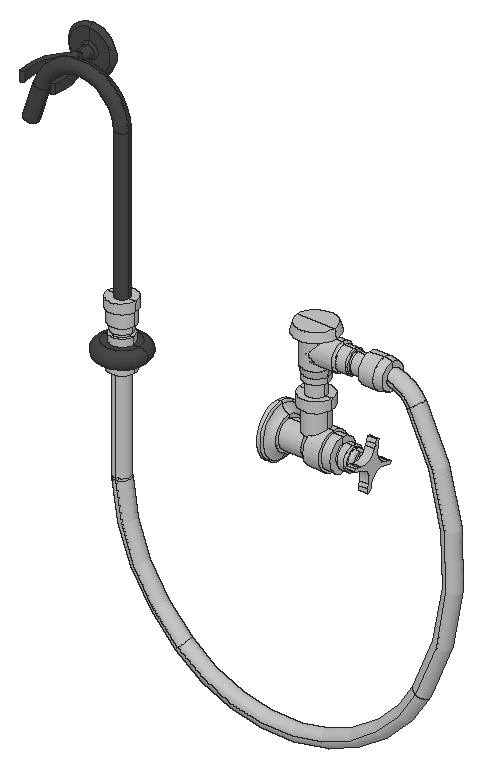
Revit family "QF_FISHER_5740", category Specialty Equipment, Revit 2015
Parameters
  Weight in Pounds = 11
  URL Cutsheet = ""
  Specification by User = ""
  Specification by Manufacturer = ""
  Serial Number = ""
  Seismic Rating = ""
  SMACNA No = ""
  Revision Code = ""
  Plumbing Remarks = ""
  Plumbing Connection Type = ""
  NAFEM Spec ID Number = ""
  Model = "5740"
  Masterspec = ""
  Manufacturer = "FISHER"
  Length = 5 1/4"
  Item Number = ""
  Installed By = ""
  Identify Quantity as Lot = yes
  Hot Water Temperature = 140 °F
  Hot Water Size = 3/4"
  Hot Water RI Height = 0"
  Hot Water Minimum Pressure = 80.00 psi
  Hot Water Maximum Pressure = 200.00 psi
  Hot Water Flow = 29 GPM
  Hot Water Consumption = 0 GPM
  Hot Water Connection Height = 0"
  Height = 14 3/8"
  Furnished By = ""
  Foodservice Equipment Identifier = yes
  Fixture Finish = QF_Metal - Stainless - Polished
  Description = "3/4 POT FILLER SVB SWXH"
  Depth = 2 3/4"
  Cold Water Temperature Recommended = 40 °F
  Cold Water Size = 3/4"
  Cold Water RI Height = 0"
  Cold Water Minimum Pressure = 80.00 psi
  Cold Water Maximum Pressure = 200.00 psi
  Cold Water Flow = 29 GPM
  Cold Water Consumption = ""
  Cold Water Connection Height = 0"
  CSI MasterFormat = ""
Reference planes (in)
  plane 1 "BACK": y = 0
  plane 2: z = 0
  plane 3 "LEFT": x = 6
  plane 4 "RIGHT": x = 11.25
  plane 5 "FRONT": y = -2.75
  plane 6 "TOP": z = 14.375
  plane 7 "Center Y": x = 8.125
  plane 8 "Center X": y = -1.375
  plane 9: x = -7.55219
  plane 10: x = -2.55219
Forms (in)
  Sweep 1, solid, material "QF_Metal - Stainless - Polished" <- "Fixture Finish", not visible
    path origin (0, -2.75, 0) x (1, 0, 0) y (0, 0, 1)
      loop
        line (-2.55219, 1.458) -> (-2.55219, -3.75274)
        arc (-2.55219, -3.75274) -> (-2.55126, -3.8184) -> (-2.54845, -3.88401) r 2.30533
        arc (-2.54845, -3.88401) -> (-1.54655, -7.76135) -> (0.85997, -10.96232) r 10.28717
        arc (0.85997, -10.96232) -> (7.97014, -12.99641) -> (13.96943, -8.672) r 8.47306
        arc (13.96943, -8.672) -> (15.66379, -1.60883) -> (13.6359, 5.3659) r 14.17
        arc (13.6359, 5.3659) -> (12.93954, 6.04382) -> (12, 6.29237) r 1.91409
    profile origin (-2.55219, -2.75, -1.14737) x (0, -1, 0) y (1, 0, 0)
      loop
        circle (0, 0) r 0.4375
  Revolve 2, solid, material "QF_Metal - Stainless - Polished" <- "Fixture Finish", not visible
    sketch origin (0, -2.75, 0.38127) x (1, 0, 0) y (0, 0, 1)
      loop
        line (7.369, 6.66873) -> (7.369, 5.03974) -> (7.469, 4.64147) -> (7.469, 4.34147) -> (7.625, 4.34147) -> (7.625, 3.63323) -> (7.245, 3.63323) -> (7.245, 3.07123) -> (7.46275, 3.07123) -> (7.46275, 1.73503) -> (8.125, 1.73503) -> (8.125, 7.11873) -> (7.107, 7.11873) -> (6.98642, 6.66873) -> (7.369, 6.66873)
      axis (8.125, 1.73503) -> (8.125, 7.11873)
    angle from 0 to 360
  Revolve 3, solid, material "QF_Metal - Stainless - Polished" <- "Fixture Finish", not visible
    sketch origin (0, -2.75, 0.38127) x (1, 0, 0) y (0, 0, 1)
      loop
        line (12.33181, 5.88147) -> (12.33181, 6.58652) -> (11.88721, 6.67433) -> (11.08212, 6.67433) -> (11.08212, 6.4181) -> (10.45639, 6.4181) -> (10.45639, 6.37665) -> (10.2983, 6.37665) -> (10.2983, 6.45934)
        arc (10.2983, 6.45934) -> (10.28338, 6.49537) -> (10.24735, 6.51029) r 0.05095
        line (10.24735, 6.51029) -> (9.6869, 6.51029)
        arc (9.6869, 6.51029) -> (9.60563, 6.54395) -> (9.57197, 6.62522) r 0.11493
        line (9.57197, 6.62522) -> (8.17241, 6.62522) -> (8.17241, 5.88147) -> (12.33181, 5.88147)
      axis (8.17241, 5.88147) -> (12.33181, 5.88147)
    angle from 0 to 360
  Revolve 4, solid, material "QF_Metal - Stainless - Polished" <- "Fixture Finish", not visible
    sketch origin (6.38127, -2.75, 7.458) x (0, 0, -1) y (1, 0, 0)
      loop
        line (6, -0.69929) -> (6.5625, -0.69929) -> (6.5625, -0.38127) -> (7.4375, -0.38127)
        arc (7.4375, -0.38127) -> (7.41548, -0.29006) -> (7.41911, -0.1963) r 0.34156
        arc (7.41911, -0.1963) -> (7.40204, -0.14139) -> (7.34733, -0.12367) r 0.0625
        arc (7.34733, -0.12367) -> (7.07746, 0.0008) -> (6.90625, 0.24373) r 0.57295
        line (6.90625, 0.24373) -> (6.75, 0.24373) -> (6.75, 1.50873) -> (7, 1.82123) -> (7, 2.69829) -> (6.87714, 2.69829) -> (6.87714, 3.21579) -> (6.53339, 3.21579) -> (6.53339, 3.41579) -> (6.63495, 3.41579) -> (6.63495, 3.77266)
        arc (6.63495, 3.77266) -> (6.61242, 3.82754) -> (6.55784, 3.85078) r 0.07812
        arc (6.55784, 3.85078) -> (6.53648, 3.85922) -> (6.52666, 3.87999) r 0.03125
        arc (6.52666, 3.87999) -> (6.47684, 4.02108) -> (6.33963, 4.08079) r 0.1875
        line (6.33963, 4.08079) -> (6.21853, 4.08079) -> (6.21853, 4.37654) -> (6, 4.37654) -> (6, -0.69929)
      axis (6, -0.69929) -> (6, 4.37654)
    angle from 0 to 360
  Extrusion 5, solid, material "QF_Metal - Stainless - Polished" <- "Fixture Finish", not visible
    sketch origin (11.25, -180, 13.44065) x (0, 0, 1) y (0, -1, 0)
      loop
        arc (-12.34002, -178.22148) -> (-12.3569, -178.33015) -> (-12.36614, -178.43972) r 1.57112
        arc (-12.36614, -178.43972) -> (-12.30618, -178.45741) -> (-12.2454, -178.47207) r 1.25
        arc (-12.2454, -178.47207) -> (-12.19862, -178.37256) -> (-12.15891, -178.27001) r 1.57112
        line (-12.15891, -178.27001) -> (-12.10219, -178.05835)
        arc (-12.10219, -178.05835) -> (-11.76766, -177.62238) -> (-11.22283, -177.55065) r 0.718
        line (-11.22283, -177.55065) -> (-11.01117, -177.60737)
        arc (-11.01117, -177.60737) -> (-10.90251, -177.62425) -> (-10.79293, -177.63349) r 1.57112
        arc (-10.79293, -177.63349) -> (-10.77524, -177.57352) -> (-10.76058, -177.51275) r 1.25
        arc (-10.76058, -177.51275) -> (-10.86009, -177.46596) -> (-10.96264, -177.42625) r 1.57112
        line (-10.96264, -177.42625) -> (-11.1743, -177.36954)
        arc (-11.1743, -177.36954) -> (-11.61027, -177.03501) -> (-11.682, -176.49017) r 0.718
        line (-11.682, -176.49017) -> (-11.62529, -176.27852)
        arc (-11.62529, -176.27852) -> (-11.6084, -176.16985) -> (-11.59916, -176.06028) r 1.57112
        arc (-11.59916, -176.06028) -> (-11.65913, -176.04259) -> (-11.7199, -176.02793) r 1.25
        arc (-11.7199, -176.02793) -> (-11.76669, -176.12744) -> (-11.8064, -176.22999) r 1.57112
        line (-11.8064, -176.22999) -> (-11.86311, -176.44165)
        arc (-11.86311, -176.44165) -> (-12.19765, -176.87762) -> (-12.74248, -176.94935) r 0.718
        line (-12.74248, -176.94935) -> (-12.95414, -176.89263)
        arc (-12.95414, -176.89263) -> (-13.0628, -176.87575) -> (-13.17237, -176.86651) r 1.57112
        arc (-13.17237, -176.86651) -> (-13.19006, -176.92648) -> (-13.20472, -176.98725) r 1.25
        arc (-13.20472, -176.98725) -> (-13.10521, -177.03404) -> (-13.00266, -177.07375) r 1.57112
        line (-13.00266, -177.07375) -> (-12.79101, -177.13046)
        arc (-12.79101, -177.13046) -> (-12.35503, -177.46499) -> (-12.2833, -178.00983) r 0.718
        line (-12.2833, -178.00983) -> (-12.34002, -178.22148)
    from 0 to -0.49219
  Sweep 6, solid, material "QF_Metal - Stainless - Polished" <- "Fixture Finish"
    path origin (0, -2.75, -1.458) x (1, 0, 0) y (0, 0, 1)
      loop
        line (-2.55219, 1.458) -> (-2.55219, -3.75274)
        arc (-2.55219, -3.75274) -> (-2.55126, -3.8184) -> (-2.54845, -3.88401) r 2.30533
        arc (-2.54845, -3.88401) -> (-1.54655, -7.76135) -> (0.85997, -10.96232) r 10.28717
        arc (0.85997, -10.96232) -> (7.97014, -12.99641) -> (13.96943, -8.672) r 8.47306
        arc (13.96943, -8.672) -> (15.66379, -1.60883) -> (13.6359, 5.3659) r 14.17
        arc (13.6359, 5.3659) -> (12.93954, 6.04382) -> (12, 6.29237) r 1.91409
    profile origin (-2.55219, -2.75, -2.60537) x (0, -1, 0) y (1, 0, 0)
      loop
        circle (0, 0) r 0.4375
  Revolve 7, solid, material "QF_Metal - Stainless - Polished" <- "Fixture Finish"
    sketch origin (0, -2.75, -1.07673) x (1, 0, 0) y (0, 0, 1)
      loop
        line (7.369, 6.66873) -> (7.369, 5.03974) -> (7.469, 4.64147) -> (7.469, 4.34147) -> (7.625, 4.34147) -> (7.625, 3.63323) -> (7.245, 3.63323) -> (7.245, 3.07123) -> (7.46275, 3.07123) -> (7.46275, 1.73503) -> (8.125, 1.73503) -> (8.125, 7.11873) -> (7.107, 7.11873) -> (6.98642, 6.66873) -> (7.369, 6.66873)
      axis (8.125, 1.73503) -> (8.125, 7.11873)
    angle from 0 to 360
  Revolve 8, solid, material "QF_Metal - Stainless - Polished" <- "Fixture Finish"
    sketch origin (0, -2.75, -1.07673) x (1, 0, 0) y (0, 0, 1)
      loop
        line (12.33181, 5.88147) -> (12.33181, 6.58652) -> (11.88721, 6.67433) -> (11.08212, 6.67433) -> (11.08212, 6.4181) -> (10.45639, 6.4181) -> (10.45639, 6.37665) -> (10.2983, 6.37665) -> (10.2983, 6.45934)
        arc (10.2983, 6.45934) -> (10.28338, 6.49537) -> (10.24735, 6.51029) r 0.05095
        line (10.24735, 6.51029) -> (9.6869, 6.51029)
        arc (9.6869, 6.51029) -> (9.60563, 6.54395) -> (9.57197, 6.62522) r 0.11493
        line (9.57197, 6.62522) -> (8.17241, 6.62522) -> (8.17241, 5.88147) -> (12.33181, 5.88147)
      axis (8.17241, 5.88147) -> (12.33181, 5.88147)
    angle from 0 to 360
  Revolve 9, solid, material "QF_Metal - Stainless - Polished" <- "Fixture Finish"
    sketch origin (6.38127, -2.75, 6) x (0, 0, -1) y (1, 0, 0)
      loop
        line (6, -0.69929) -> (6.5625, -0.69929) -> (6.5625, -0.38127) -> (7.4375, -0.38127)
        arc (7.4375, -0.38127) -> (7.41548, -0.29006) -> (7.41911, -0.1963) r 0.34156
        arc (7.41911, -0.1963) -> (7.40204, -0.14139) -> (7.34733, -0.12367) r 0.0625
        arc (7.34733, -0.12367) -> (7.07746, 0.0008) -> (6.90625, 0.24373) r 0.57295
        line (6.90625, 0.24373) -> (6.75, 0.24373) -> (6.75, 1.50873) -> (7, 1.82123) -> (7, 2.69829) -> (6.87714, 2.69829) -> (6.87714, 3.21579) -> (6.53339, 3.21579) -> (6.53339, 3.41579) -> (6.63495, 3.41579) -> (6.63495, 3.77266)
        arc (6.63495, 3.77266) -> (6.61242, 3.82754) -> (6.55784, 3.85078) r 0.07812
        arc (6.55784, 3.85078) -> (6.53648, 3.85922) -> (6.52666, 3.87999) r 0.03125
        arc (6.52666, 3.87999) -> (6.47684, 4.02108) -> (6.33963, 4.08079) r 0.1875
        line (6.33963, 4.08079) -> (6.21853, 4.08079) -> (6.21853, 4.37654) -> (6, 4.37654) -> (6, -0.69929)
      axis (6, -0.69929) -> (6, 4.37654)
    angle from 0 to 360
  Extrusion 10, solid, material "QF_Metal - Stainless - Polished" <- "Fixture Finish"
    sketch origin (11.25, -180, 11.98265) x (0, 0, 1) y (0, -1, 0)
      loop
        arc (-12.34002, -178.22148) -> (-12.3569, -178.33015) -> (-12.36614, -178.43972) r 1.57112
        arc (-12.36614, -178.43972) -> (-12.30618, -178.45741) -> (-12.2454, -178.47207) r 1.25
        arc (-12.2454, -178.47207) -> (-12.19862, -178.37256) -> (-12.15891, -178.27001) r 1.57112
        line (-12.15891, -178.27001) -> (-12.10219, -178.05835)
        arc (-12.10219, -178.05835) -> (-11.76766, -177.62238) -> (-11.22283, -177.55065) r 0.718
        line (-11.22283, -177.55065) -> (-11.01117, -177.60737)
        arc (-11.01117, -177.60737) -> (-10.90251, -177.62425) -> (-10.79293, -177.63349) r 1.57112
        arc (-10.79293, -177.63349) -> (-10.77524, -177.57352) -> (-10.76058, -177.51275) r 1.25
        arc (-10.76058, -177.51275) -> (-10.86009, -177.46596) -> (-10.96264, -177.42625) r 1.57112
        line (-10.96264, -177.42625) -> (-11.1743, -177.36954)
        arc (-11.1743, -177.36954) -> (-11.61027, -177.03501) -> (-11.682, -176.49017) r 0.718
        line (-11.682, -176.49017) -> (-11.62529, -176.27852)
        arc (-11.62529, -176.27852) -> (-11.6084, -176.16985) -> (-11.59916, -176.06028) r 1.57112
        arc (-11.59916, -176.06028) -> (-11.65913, -176.04259) -> (-11.7199, -176.02793) r 1.25
        arc (-11.7199, -176.02793) -> (-11.76669, -176.12744) -> (-11.8064, -176.22999) r 1.57112
        line (-11.8064, -176.22999) -> (-11.86311, -176.44165)
        arc (-11.86311, -176.44165) -> (-12.19765, -176.87762) -> (-12.74248, -176.94935) r 0.718
        line (-12.74248, -176.94935) -> (-12.95414, -176.89263)
        arc (-12.95414, -176.89263) -> (-13.0628, -176.87575) -> (-13.17237, -176.86651) r 1.57112
        arc (-13.17237, -176.86651) -> (-13.19006, -176.92648) -> (-13.20472, -176.98725) r 1.25
        arc (-13.20472, -176.98725) -> (-13.10521, -177.03404) -> (-13.00266, -177.07375) r 1.57112
        line (-13.00266, -177.07375) -> (-12.79101, -177.13046)
        arc (-12.79101, -177.13046) -> (-12.35503, -177.46499) -> (-12.2833, -178.00983) r 0.718
        line (-12.2833, -178.00983) -> (-12.34002, -178.22148)
    from 0 to -0.49219
  Extrusion 11, solid, material "QF_Metal - Stainless - Polished" <- "Fixture Finish"
    sketch origin (5.68198, -2.75, 0) x (0, 1, 0) y (0, 0, -1)
      loop
        circle (-0.24529, 0) r 0.09344
      loop
        circle (0.24529, 0) r 0.09344
    from 0 to 0.125
  Extrusion 12, solid, material "QF_Metal - Stainless - Polished" <- "Fixture Finish", not visible
    sketch origin (5.68198, -2.75, 1.458) x (0, 1, 0) y (0, 0, -1)
      loop
        circle (-0.24529, 0) r 0.09344
      loop
        circle (0.24529, 0) r 0.09344
    from 0 to 0.125
Lines and regions (in)
  symbolic lines, not visible
    curve 1: arc (7.107, -2.75, 0) -> (8.125, -1.732, 0) -> (9.143, -2.75, 0) r 1.018
    curve 2: arc (9.143, -2.75, 0) -> (8.125, -3.768, 0) -> (7.107, -2.75, 0) r 1.018
    curve 3: arc (6.98642, -2.75, 0) -> (8.125, -3.88858, 0) -> (9.26358, -2.75, 0) r 1.13858
    curve 4: arc (9.26358, -2.75, 0) -> (8.125, -1.61142, 0) -> (6.98642, -2.75, 0) r 1.13858
    curve 5: line (11.08212, -1.95714, 0) -> (11.88721, -1.95714, 0)
    curve 6: line (11.08212, -3.54286, 0) -> (11.08212, -1.95714, 0)
    curve 7: line (11.88721, -3.54286, 0) -> (11.08212, -3.54286, 0)
    curve 8: line (11.88721, -1.95714, 0) -> (11.88721, -3.54286, 0)
    curve 9: line (12.33181, -2.04495, 0) -> (12.33181, -3.45505, 0)
    curve 10: line (12.33181, -2.04495, 0) -> (11.88721, -1.95714, 0)
    curve 11: line (11.88721, -3.54286, 0) -> (12.33181, -3.45505, 0)
    curve 12: line (15.68182, -2.30131, 0) -> (12.3215, -2.30131, 0)
    curve 13: line (12.33181, -3.18721, 0) -> (15.58181, -3.18721, 0)
    curve 14: arc (15.68182, -2.30131, 0) -> (16.12759, -2.80023, 0) -> (15.58181, -3.18721, 0) r 0.44859
    curve 15: line (10.45639, -2.21337, 0) -> (11.08212, -2.21337, 0)
    curve 16: line (10.45639, -2.21337, 0) -> (10.45639, -3.28663, 0)
    curve 17: line (10.45639, -3.28663, 0) -> (11.08212, -3.28663, 0)
    curve 18: line (10.45639, -2.25482, 0) -> (10.306, -2.25482, 0)
    curve 19: line (10.306, -3.40337, 0) -> (9.57197, -3.40337, 0)
    curve 20: line (10.306, -2.09663, 0) -> (9.57197, -2.09663, 0)
    curve 21: line (10.306, -2.09663, 0) -> (10.306, -3.40337, 0)
    curve 22: line (10.45639, -3.24518, 0) -> (10.306, -3.24518, 0)
    curve 23: line (6, -2.3075, 0) -> (-1.22561, -2.3075, 0)
    curve 24: line (-1.22561, -3.1925, 0) -> (6, -3.1925, 0)
    curve 25: line (6, -1.333, 0) -> (6, -4.167, 0)
    curve 26: line (6.625, -3.65625, 0) -> (6.625, -1.84375, 0)
    curve 27: line (6.625, -2, 0) -> (7.26834, -2, 0)
    curve 28: line (6.625, -3.5, 0) -> (7.26834, -3.5, 0)
    curve 29: arc (6.625, -3.65625, 0) -> (6.38559, -3.8251, 0) -> (6.25919, -4.08939, 0) r 0.58024
    curve 30: arc (6, -4.167, 0) -> (6.09839, -4.14565, 0) -> (6.199, -4.14959, 0) r 0.39926
    curve 31: arc (6.199, -4.14959, 0) -> (6.24156, -4.13196, 0) -> (6.25919, -4.08939, 0) r 0.0602
    curve 32: arc (6.625, -1.84375, 0) -> (6.38559, -1.6749, 0) -> (6.25919, -1.41061, 0) r 0.58024
    curve 33: arc (6, -1.333, 0) -> (6.09839, -1.35435, 0) -> (6.199, -1.35041, 0) r 0.39926
    curve 34: arc (6.199, -1.35041, 0) -> (6.24156, -1.36804, 0) -> (6.25919, -1.41061, 0) r 0.0602
    curve 35: line (9.07956, -3.75, 0) -> (8.66939, -3.75, 0)
    curve 36: line (9.07956, -1.75, 0) -> (8.66939, -1.75, 0)
    curve 37: line (9.07956, -1.75, 0) -> (9.07956, -2.12937, 0)
    curve 38: line (9.07956, -3.75, 0) -> (9.07956, -3.37063, 0)
    curve 39: line (9.57197, -3.49375, 0) -> (9.07956, -3.49375, 0)
    curve 40: line (9.57197, -3.49375, 0) -> (9.57197, -2.00625, 0)
    curve 41: line (9.57197, -2.00625, 0) -> (9.07956, -2.00625, 0)
  symbolic lines
    curve 42: arc (7.107, -2.75, -1.458) -> (8.125, -1.732, -1.458) -> (9.143, -2.75, -1.458) r 1.018
    curve 43: arc (9.143, -2.75, -1.458) -> (8.125, -3.768, -1.458) -> (7.107, -2.75, -1.458) r 1.018
    curve 44: arc (6.98642, -2.75, -1.458) -> (8.125, -3.88858, -1.458) -> (9.26358, -2.75, -1.458) r 1.13858
    curve 45: arc (9.26358, -2.75, -1.458) -> (8.125, -1.61142, -1.458) -> (6.98642, -2.75, -1.458) r 1.13858
    curve 46: line (11.08212, -1.95714, -1.458) -> (11.88721, -1.95714, -1.458)
    curve 47: line (11.08212, -3.54286, -1.458) -> (11.08212, -1.95714, -1.458)
    curve 48: line (11.88721, -3.54286, -1.458) -> (11.08212, -3.54286, -1.458)
    curve 49: line (11.88721, -1.95714, -1.458) -> (11.88721, -3.54286, -1.458)
    curve 50: line (12.33181, -2.04495, -1.458) -> (12.33181, -3.45505, -1.458)
    curve 51: line (12.33181, -2.04495, -1.458) -> (11.88721, -1.95714, -1.458)
    curve 52: line (11.88721, -3.54286, -1.458) -> (12.33181, -3.45505, -1.458)
    curve 53: line (15.68182, -2.30131, -1.458) -> (12.3215, -2.30131, -1.458)
    curve 54: line (12.33181, -3.18721, -1.458) -> (15.58181, -3.18721, -1.458)
    curve 55: arc (15.68182, -2.30131, -1.458) -> (16.12759, -2.80023, -1.458) -> (15.58181, -3.18721, -1.458) r 0.44859
    curve 56: line (10.45639, -2.21337, -1.458) -> (11.08212, -2.21337, -1.458)
    curve 57: line (10.45639, -2.21337, -1.458) -> (10.45639, -3.28663, -1.458)
    curve 58: line (10.45639, -3.28663, -1.458) -> (11.08212, -3.28663, -1.458)
    curve 59: line (10.45639, -2.25482, -1.458) -> (10.306, -2.25482, -1.458)
    curve 60: line (10.306, -3.40337, -1.458) -> (9.57197, -3.40337, -1.458)
    curve 61: line (10.306, -2.09663, -1.458) -> (9.57197, -2.09663, -1.458)
    curve 62: line (10.306, -2.09663, -1.458) -> (10.306, -3.40337, -1.458)
    curve 63: line (10.45639, -3.24518, -1.458) -> (10.306, -3.24518, -1.458)
    curve 64: line (6, -2.3075, -1.458) -> (-1.22561, -2.3075, -1.458)
    curve 65: line (-1.22561, -3.1925, -1.458) -> (6, -3.1925, -1.458)
    curve 66: line (6, -1.333, -1.458) -> (6, -4.167, -1.458)
    curve 67: line (6.625, -3.65625, -1.458) -> (6.625, -1.84375, -1.458)
    curve 68: line (6.625, -2, -1.458) -> (7.26834, -2, -1.458)
    curve 69: line (6.625, -3.5, -1.458) -> (7.26834, -3.5, -1.458)
    curve 70: arc (6.625, -3.65625, -1.458) -> (6.38559, -3.8251, -1.458) -> (6.25919, -4.08939, -1.458) r 0.58024
    curve 71: arc (6, -4.167, -1.458) -> (6.09839, -4.14565, -1.458) -> (6.199, -4.14959, -1.458) r 0.39926
    curve 72: arc (6.199, -4.14959, -1.458) -> (6.24156, -4.13196, -1.458) -> (6.25919, -4.08939, -1.458) r 0.0602
    curve 73: arc (6.625, -1.84375, -1.458) -> (6.38559, -1.6749, -1.458) -> (6.25919, -1.41061, -1.458) r 0.58024
    curve 74: arc (6, -1.333, -1.458) -> (6.09839, -1.35435, -1.458) -> (6.199, -1.35041, -1.458) r 0.39926
    curve 75: arc (6.199, -1.35041, -1.458) -> (6.24156, -1.36804, -1.458) -> (6.25919, -1.41061, -1.458) r 0.0602
    curve 76: line (9.07956, -3.75, -1.458) -> (8.66939, -3.75, -1.458)
    curve 77: line (9.07956, -1.75, -1.458) -> (8.66939, -1.75, -1.458)
    curve 78: line (9.07956, -1.75, -1.458) -> (9.07956, -2.12937, -1.458)
    curve 79: line (9.07956, -3.75, -1.458) -> (9.07956, -3.37063, -1.458)
    curve 80: line (9.57197, -3.49375, -1.458) -> (9.07956, -3.49375, -1.458)
    curve 81: line (9.57197, -3.49375, -1.458) -> (9.57197, -2.00625, -1.458)
    curve 82: line (9.57197, -2.00625, -1.458) -> (9.07956, -2.00625, -1.458)
Dimensions and locks (in)
  plane 3 "LEFT" to plane 7 "Center Y" = 2 1/8"
  "Length": plane 3 "LEFT" to plane 4 "RIGHT"
  equal spacing: plane 5 "FRONT", plane 8 "Center X", plane 1 "BACK"
  "Depth": plane 5 "FRONT" to plane 1 "BACK"
  "Height": plane 6 "TOP" to level
  plane 4 "RIGHT" to plane 3 "LEFT" = 5 1/4"
  plane 7 "Center Y" to plane 3 "LEFT" = 2 1/8"
  Revolve 9 to Revolve 9 = 2 7/8"
  plane 9 to plane 10 = 5"
  aligned and locked: level to plane 2
  aligned and locked: plane 3 "LEFT" to Revolve 9
Automatic sketch dimensions
  Sweep 1 sketch curve to profile plane = 0"
  profile plane to Sweep 1 sketch curve = 0"
  Revolve 3 sketch curve to Revolve 3 sketch curve = 1.39956"
  Revolve 3 sketch curve to Revolve 3 sketch curve = 0.11493"
  Revolve 3 sketch curve to Revolve 3 sketch curve = 0.56045"
  Revolve 3 sketch curve to Revolve 3 sketch curve = 0.05095"
  Revolve 3 sketch curve to Revolve 3 sketch curve = 0.15809"
  Revolve 3 sketch curve to Revolve 3 sketch curve = 0.62573"
  Revolve 3 sketch curve to Revolve 3 sketch curve = 0.80509"
  Revolve 3 sketch curve to Revolve 3 sketch curve = 0.4446"
  Revolve 3 sketch curve to Revolve 3 sketch curve = 0.49518"
  Revolve 3 sketch curve to Revolve 3 sketch curve = 0.04144"
  Revolve 3 sketch curve to Revolve 3 sketch curve = 0.08269"
  Revolve 3 sketch curve to Revolve 3 sketch curve = 0.70505"
  Revolve 3 sketch curve to Revolve 3 sketch curve = 0.08781"
  Revolve 3 sketch curve to Revolve 3 sketch curve = 1.87117"
  Revolve 3 sketch curve to Revolve 3 sketch curve = 3/4"
  Revolve 3 sketch curve to Revolve 3 sketch curve = 0"
  curve 1 to curve 3 = 0"  (x4)
  curve 25 to curve 33 = 0.13319"
  curve 25 to curve 30 = 0.13319"
  curve 25 to curve 34 = 0.199"
  curve 25 to curve 31 = 0.199"
  curve 31 to curve 26 = 0.426"
  curve 29 to curve 29 = 0.20389"
  curve 32 to curve 32 = 0.20389"
  curve 28 to curve 2 = 1 1/2"
  curve 1 to curve 38 = 0.95456"
  curve 3 to curve 37 = 0.95456"
  curve 39 to curve 40 = 0.49241"
  curve 19 to curve 19 = 0.73403"
  curve 18 to curve 16 = 0.15039"
  curve 15 to curve 5 = 0.62573"
  curve 5 to curve 5 = 0.80509"
  curve 7 to curve 11 = 0.4446"
  curve 13 to curve 13 = 3 1/4"
  curve 13 to curve 14 = 0.10001"
  curve 30 to curve 29 = 0.3439"
  curve 30 to curve 25 = 0.37639"
  curve 31 to curve 31 = 0.0602"
  curve 29 to curve 35 = 0.44948"
  curve 35 to curve 11 = 0.20714"
  curve 35 to curve 39 = 0.25625"
  curve 7 to curve 11 = 0.08781"
  curve 39 to curve 19 = 0.09038"
  curve 19 to curve 17 = 0.11674"
  curve 9 to curve 13 = 0.26784"
  curve 35 to curve 3 = 1"
  curve 13 to curve 14 = 0.4373"
  curve 16 to curve 16 = 1.07325"
  curve 15 to curve 20 = 0.11674"
  curve 12 to curve 9 = 0.25636"
  curve 9 to curve 5 = 0.08781"
  curve 4 to curve 26 = 29/32"
  curve 20 to curve 36 = 0.34663"
  curve 26 to curve 34 = 0.43314"
  curve 34 to curve 25 = 0.07761"
  curve 32 to curve 32 = 0.54323"
  curve 24 to curve 28 = 5/8"
  curve 23 to curve 27 = 5/8"
  curve 24 to curve 24 = 7.22561"
  curve 23 to curve 24 = 0"
  curve 28 to curve 3 = 0.36142"
  curve 3 to curve 2 = 0.12058"
  curve 28 to curve 28 = 0.64334"
  curve 27 to curve 27 = 0.64334"
  curve 12 to curve 9 = 0.01031"
  curve 16 to curve 22 = 0.04144"
  curve 30 to curve 24 = 0.9745"
  curve 23 to curve 27 = 0.3075"
  curve 18 to curve 15 = 0.04144"
  curve 20 to curve 41 = 0.09038"
  curve 1 to curve 2 = 0"  (x2)
  curve 1 to curve 4 = 0"  (x2)
  curve 2 to curve 3 = 0"  (x2)
  curve 2 to curve 4 = 0"  (x2)
  curve 3 to curve 4 = 0"  (x2)
  Revolve 2 sketch curve to Revolve 2 sketch curve = 0.12058"
  Revolve 2 sketch curve to Revolve 2 sketch curve = 0.25858"
  Revolve 2 sketch curve to Revolve 2 sketch curve = 0.124"
  Revolve 2 sketch curve to Revolve 2 sketch curve = 0.21775"
  Revolve 2 sketch curve to Revolve 2 sketch curve = 0.1"
  Revolve 2 sketch curve to Revolve 2 sketch curve = 0.156"
  Revolve 2 sketch curve to Revolve 2 sketch curve = 0.66225"
  Revolve 2 sketch curve to Revolve 2 sketch curve = 1.3362"
  Revolve 2 sketch curve to Revolve 2 sketch curve = 0.562"
  Revolve 2 sketch curve to Revolve 2 sketch curve = 0.70824"
  Revolve 2 sketch curve to Revolve 2 sketch curve = 0.3"
  Revolve 2 sketch curve to Revolve 2 sketch curve = 0.39827"
  Revolve 2 sketch curve to Revolve 2 sketch curve = 1.62899"
  Revolve 2 sketch curve to Revolve 2 sketch curve = 0.45"
  Revolve 2 sketch curve to Revolve 2 sketch curve = 0"
  Revolve 2 sketch curve to Revolve 2 sketch curve = 0.11274"
  Revolve 2 sketch curve to Revolve 2 sketch curve = 0.98864"
  Sweep 6 sketch curve to profile plane = 0"
  profile plane to Sweep 6 sketch curve = 0"
  Extrusion 10 sketch curve to Extrusion 10 sketch curve = 0"  (x12)
  Extrusion 10 sketch curve to Extrusion 10 sketch curve = 0.39344"  (x2)
  Extrusion 10 sketch curve to Extrusion 10 sketch curve = 0.47458"  (x2)
  Extrusion 10 sketch curve to Extrusion 10 sketch curve = 0.6403"  (x2)
  Extrusion 10 sketch curve to Extrusion 10 sketch curve = 0.2727"  (x3)
  Extrusion 10 sketch curve to Extrusion 10 sketch curve = 0.04853"  (x8)
  Extrusion 10 sketch curve to Extrusion 10 sketch curve = 0.21166"  (x4)
  Extrusion 10 sketch curve to Extrusion 10 sketch curve = 0.61174"  (x4)
  Extrusion 10 sketch curve to Extrusion 10 sketch curve = 0.06971"  (x4)
  Extrusion 10 sketch curve to Extrusion 10 sketch curve = 0.63682"
  Extrusion 10 sketch curve to Extrusion 10 sketch curve = 0.05671"  (x4)
  Extrusion 10 sketch curve to Extrusion 10 sketch curve = 0.18111"  (x8)
  Extrusion 10 sketch curve to Extrusion 10 sketch curve = 0.11954"
  Extrusion 10 sketch curve to Extrusion 10 sketch curve = 0.69353"  (x2)
  Extrusion 10 sketch curve to Extrusion 10 sketch curve = 0.68054"  (x2)
  Extrusion 10 sketch curve to Extrusion 10 sketch curve = 0.18583"
  Extrusion 10 sketch curve to Extrusion 10 sketch curve = 0.66613"  (x3)
  Extrusion 10 sketch curve to Extrusion 10 sketch curve = 0.80835"
  Extrusion 10 sketch curve to Extrusion 10 sketch curve = 0.20206"
  Extrusion 10 sketch curve to Extrusion 10 sketch curve = 0.02612"
  Extrusion 10 sketch curve to Extrusion 10 sketch curve = 0.08649"
  Extrusion 10 sketch curve to Extrusion 10 sketch curve = 0.21824"
  Revolve 8 sketch curve to Revolve 8 sketch curve = 1.39956"
  Revolve 8 sketch curve to Revolve 8 sketch curve = 0.11493"
  Revolve 8 sketch curve to Revolve 8 sketch curve = 0.56045"
  Revolve 8 sketch curve to Revolve 8 sketch curve = 0.05095"
  Revolve 8 sketch curve to Revolve 8 sketch curve = 0.15809"
  Revolve 8 sketch curve to Revolve 8 sketch curve = 0.62573"
  Revolve 8 sketch curve to Revolve 8 sketch curve = 0.80509"
  Revolve 8 sketch curve to Revolve 8 sketch curve = 0.4446"
  Revolve 8 sketch curve to Revolve 8 sketch curve = 0.49518"
  Revolve 8 sketch curve to Revolve 8 sketch curve = 0.04144"
  Revolve 8 sketch curve to Revolve 8 sketch curve = 0.08269"
  Revolve 8 sketch curve to Revolve 8 sketch curve = 0.70505"
  Revolve 8 sketch curve to Revolve 8 sketch curve = 0.08781"
  Revolve 8 sketch curve to Revolve 8 sketch curve = 1.87117"
  Revolve 8 sketch curve to Revolve 8 sketch curve = 3/4"
  Revolve 8 sketch curve to Revolve 8 sketch curve = 0"
  curve 42 to curve 44 = 0"  (x4)
  curve 66 to curve 74 = 0.13319"
  curve 66 to curve 71 = 0.13319"
  curve 66 to curve 75 = 0.199"
  curve 66 to curve 72 = 0.199"
  curve 72 to curve 67 = 0.426"
  curve 70 to curve 70 = 0.20389"
  curve 73 to curve 73 = 0.20389"
  curve 69 to curve 43 = 1 1/2"
  curve 42 to curve 79 = 0.95456"
  curve 44 to curve 78 = 0.95456"
  curve 80 to curve 81 = 0.49241"
  curve 60 to curve 60 = 0.73403"
  curve 59 to curve 57 = 0.15039"
  curve 56 to curve 46 = 0.62573"
  curve 46 to curve 46 = 0.80509"
  curve 48 to curve 52 = 0.4446"
  curve 54 to curve 54 = 3 1/4"
  curve 54 to curve 55 = 0.10001"
  curve 71 to curve 70 = 0.3439"
  curve 71 to curve 66 = 0.37639"
  curve 72 to curve 72 = 0.0602"
  curve 70 to curve 76 = 0.44948"
  curve 76 to curve 52 = 0.20714"
  curve 76 to curve 80 = 0.25625"
  curve 48 to curve 52 = 0.08781"
  curve 80 to curve 60 = 0.09038"
  curve 60 to curve 58 = 0.11674"
  curve 50 to curve 54 = 0.26784"
  curve 76 to curve 44 = 1"
  curve 54 to curve 55 = 0.4373"
  curve 57 to curve 57 = 1.07325"
  curve 56 to curve 61 = 0.11674"
  curve 53 to curve 50 = 0.25636"
  curve 50 to curve 46 = 0.08781"
  curve 45 to curve 67 = 29/32"
  curve 61 to curve 77 = 0.34663"
  curve 67 to curve 75 = 0.43314"
  curve 75 to curve 66 = 0.07761"
  curve 73 to curve 73 = 0.54323"
  curve 65 to curve 69 = 5/8"
  curve 64 to curve 68 = 5/8"
  curve 65 to curve 65 = 7.22561"
  curve 64 to curve 65 = 0"
  curve 69 to curve 44 = 0.36142"
  curve 44 to curve 43 = 0.12058"
  curve 69 to curve 69 = 0.64334"
  curve 68 to curve 68 = 0.64334"
  curve 53 to curve 50 = 0.01031"
  curve 57 to curve 63 = 0.04144"
  curve 71 to curve 65 = 0.9745"
  curve 64 to curve 68 = 0.3075"
  curve 59 to curve 56 = 0.04144"
  curve 61 to curve 82 = 0.09038"
  curve 42 to curve 43 = 0"  (x2)
  curve 42 to curve 45 = 0"  (x2)
  curve 43 to curve 44 = 0"  (x2)
  curve 43 to curve 45 = 0"  (x2)
  curve 44 to curve 45 = 0"  (x2)
  Revolve 7 sketch curve to Revolve 7 sketch curve = 0.12058"
  Revolve 7 sketch curve to Revolve 7 sketch curve = 0.25858"
  Revolve 7 sketch curve to Revolve 7 sketch curve = 0.124"
  Revolve 7 sketch curve to Revolve 7 sketch curve = 0.21775"
  Revolve 7 sketch curve to Revolve 7 sketch curve = 0.1"
  Revolve 7 sketch curve to Revolve 7 sketch curve = 0.156"
  Revolve 7 sketch curve to Revolve 7 sketch curve = 0.66225"
  Revolve 7 sketch curve to Revolve 7 sketch curve = 1.3362"
  Revolve 7 sketch curve to Revolve 7 sketch curve = 0.562"
  Revolve 7 sketch curve to Revolve 7 sketch curve = 0.70824"
  Revolve 7 sketch curve to Revolve 7 sketch curve = 0.3"
  Revolve 7 sketch curve to Revolve 7 sketch curve = 0.39827"
  Revolve 7 sketch curve to Revolve 7 sketch curve = 1.62899"
  Revolve 7 sketch curve to Revolve 7 sketch curve = 0.45"
  Revolve 7 sketch curve to Revolve 7 sketch curve = 0"
  Revolve 7 sketch curve to Revolve 7 sketch curve = 0.11274"
  Revolve 7 sketch curve to Revolve 7 sketch curve = 0.98864"
  Revolve 9 to Extrusion 11 sketch curve = 0.24529"
  Extrusion 11 sketch curve to Revolve 9 = 0.24529"
  Extrusion 11 sketch curve to Extrusion 11 sketch curve = 0"
  Sweep 6 sketch curve to Sweep 6 sketch curve = 2.30533"
  Sweep 6 sketch curve to Sweep 6 sketch curve = 1.74465"
  Sweep 6 sketch curve to Sweep 6 sketch curve = 5.01413"
  Sweep 6 sketch curve to Sweep 6 sketch curve = 1.21011"
  Sweep 6 sketch curve to Sweep 6 sketch curve = 4.27425"
  Sweep 6 sketch curve to Sweep 6 sketch curve = 0.89704"
  Sweep 6 sketch curve to Sweep 6 sketch curve = 1.35154"
  Sweep 6 sketch curve to Sweep 6 sketch curve = 1.80734"
  Sweep 6 sketch curve to Sweep 6 sketch curve = 7.67653"
  Sweep 6 sketch curve to Sweep 6 sketch curve = 0"  (x3)
  Sweep 6 sketch curve to Sweep 6 sketch curve = 0.00372"
  Sweep 6 sketch curve to Sweep 6 sketch curve = 1.6359"
  Sweep 6 sketch curve to Sweep 6 sketch curve = 5.21074"
  Sweep 1 sketch curve to Sweep 1 sketch curve = 2.30533"
  Sweep 1 sketch curve to Sweep 1 sketch curve = 1.74465"
  Sweep 1 sketch curve to Sweep 1 sketch curve = 5.01413"
  Sweep 1 sketch curve to Sweep 1 sketch curve = 1.21011"
  Sweep 1 sketch curve to Sweep 1 sketch curve = 4.27425"
  Sweep 1 sketch curve to Sweep 1 sketch curve = 0.89704"
  Sweep 1 sketch curve to Sweep 1 sketch curve = 1.35154"
  Sweep 1 sketch curve to Sweep 1 sketch curve = 1.80734"
  Sweep 1 sketch curve to Sweep 1 sketch curve = 7.67653"
  Sweep 1 sketch curve to Sweep 1 sketch curve = 0"  (x3)
  Sweep 1 sketch curve to Sweep 1 sketch curve = 0.00372"
  Sweep 1 sketch curve to Sweep 1 sketch curve = 1.6359"
  Sweep 1 sketch curve to Sweep 1 sketch curve = 5.21074"
  Revolve 9 sketch curve to Revolve 9 sketch curve = 0.21853"
  Revolve 9 sketch curve to Revolve 9 sketch curve = 31/256"
  Revolve 9 sketch curve to Revolve 9 sketch curve = 0.19375"
  Revolve 9 sketch curve to Revolve 9 sketch curve = 0.21719"
  Revolve 9 sketch curve to Revolve 9 sketch curve = 0.00102"
  Revolve 9 sketch curve to Revolve 9 sketch curve = 9/16"
  Revolve 9 sketch curve to Revolve 9 sketch curve = 13/128"
  Revolve 9 sketch curve to Revolve 9 sketch curve = 3/16"  (x2)
  Revolve 9 sketch curve to Revolve 9 sketch curve = 11/32"
  Revolve 9 sketch curve to Revolve 9 sketch curve = 5/32"
  Revolve 9 sketch curve to Revolve 9 sketch curve = 0.12286"
  Revolve 9 sketch curve to Revolve 9 sketch curve = 0.45133"
  Revolve 9 sketch curve to Revolve 9 sketch curve = 0.07992"
  Revolve 9 sketch curve to Revolve 9 sketch curve = 0.31802"
  Revolve 9 sketch curve to Revolve 9 sketch curve = 1/8"
  Revolve 9 sketch curve to Revolve 9 sketch curve = 0.19594"
  Revolve 9 sketch curve to Revolve 9 sketch curve = 0.42906"
  Revolve 9 sketch curve to Revolve 9 sketch curve = 0.19731"
  Revolve 9 sketch curve to Revolve 9 sketch curve = 1.265"
  Revolve 9 sketch curve to Revolve 9 sketch curve = 5/16"
  Revolve 9 sketch curve to Revolve 9 sketch curve = 0.87706"
  Revolve 9 sketch curve to Revolve 9 sketch curve = 0.5175"
  Revolve 9 sketch curve to Revolve 9 sketch curve = 0.2"
  Revolve 9 sketch curve to Revolve 9 sketch curve = 0.35687"
  Revolve 9 sketch curve to Revolve 9 sketch curve = 1/32"
  Revolve 9 sketch curve to Revolve 9 sketch curve = 0.01126"
  Revolve 9 sketch curve to Revolve 9 sketch curve = 0.29576"
  Revolve 9 sketch curve to Revolve 9 sketch curve = 3/4"
  Revolve 9 sketch curve to Revolve 9 sketch curve = 0.01025"
  Revolve 9 sketch curve to Revolve 9 sketch curve = 0.06153"
  Revolve 9 sketch curve to Revolve 9 sketch curve = 0"
  Revolve 9 sketch curve to Revolve 9 sketch curve = 0.09331"
  Revolve 9 sketch curve to Revolve 9 sketch curve = 0.33269"
  Revolve 4 sketch curve to Revolve 4 sketch curve = 0.21853"
  Revolve 4 sketch curve to Revolve 4 sketch curve = 31/256"
  Revolve 4 sketch curve to Revolve 4 sketch curve = 0.19375"
  Revolve 4 sketch curve to Revolve 4 sketch curve = 0.21719"
  Revolve 4 sketch curve to Revolve 4 sketch curve = 0.00102"
  Revolve 4 sketch curve to Revolve 4 sketch curve = 9/16"
  Revolve 4 sketch curve to Revolve 4 sketch curve = 13/128"
  Revolve 4 sketch curve to Revolve 4 sketch curve = 3/16"  (x2)
  Revolve 4 sketch curve to Revolve 4 sketch curve = 11/32"
  Revolve 4 sketch curve to Revolve 4 sketch curve = 5/32"
  Revolve 4 sketch curve to Revolve 4 sketch curve = 0.12286"
  Revolve 4 sketch curve to Revolve 4 sketch curve = 0.45133"
  Revolve 4 sketch curve to Revolve 4 sketch curve = 0.07992"
  Revolve 4 sketch curve to Revolve 4 sketch curve = 0.31802"
  Revolve 4 sketch curve to Revolve 4 sketch curve = 1/8"
  Revolve 4 sketch curve to Revolve 4 sketch curve = 0.19594"
  Revolve 4 sketch curve to Revolve 4 sketch curve = 0.42906"
  Revolve 4 sketch curve to Revolve 4 sketch curve = 0.19731"
  Revolve 4 sketch curve to Revolve 4 sketch curve = 1.265"
  Revolve 4 sketch curve to Revolve 4 sketch curve = 5/16"
  Revolve 4 sketch curve to Revolve 4 sketch curve = 0.87706"
  Revolve 4 sketch curve to Revolve 4 sketch curve = 0.5175"
  Revolve 4 sketch curve to Revolve 4 sketch curve = 0.2"
  Revolve 4 sketch curve to Revolve 4 sketch curve = 0.35687"
  Revolve 4 sketch curve to Revolve 4 sketch curve = 1/32"
  Revolve 4 sketch curve to Revolve 4 sketch curve = 0.01126"
  Revolve 4 sketch curve to Revolve 4 sketch curve = 0.29576"
  Revolve 4 sketch curve to Revolve 4 sketch curve = 3/4"
  Revolve 4 sketch curve to Revolve 4 sketch curve = 0.01025"
  Revolve 4 sketch curve to Revolve 4 sketch curve = 0.06153"
  Revolve 4 sketch curve to Revolve 4 sketch curve = 0"
  Revolve 4 sketch curve to Revolve 4 sketch curve = 0.09331"
  Revolve 4 sketch curve to Revolve 4 sketch curve = 0.33269"
  radius of Sweep 1 sketch curve = 7/16"
  radius of Sweep 6 sketch curve = 7/16"
  radius of Extrusion 11 sketch curve = 0.09344"  (x2)
Nested families (in)
  nested 1: "Handle" at (-2.55219, -2.75, 0) x (-1, 0, 0) z (0, 0, 1), type "Handle"
Connectors (in)
  piping at (5.55698, -2.50471, 0), diameter 0.75, driven by "Cold Water Size", driven by "Cold Water Flow"
    settings: on Extrusion 11, index 2, connector inside diameter 24", connector length 0", flow factor 0, pipe flow 29 GPM, pressure drop 0.00 psi, fitting loss kfactor 0, connector angle 0.00°, fixture units 0, engagement length 0", angle of deflection 0.00°, flow configuration 1, flow direction 1, fitting loss method 0, system type 19, joint type 0, gender type 0, connector reference index -1, connector utility 0, adjustable connector no, is connector primary yes, connector description "HOT WATER INLET"
  piping at (5.55698, -2.99529, 0), diameter 0.75, driven by "Cold Water Size", driven by "Cold Water Flow"
    settings: on Extrusion 11, index 3, connector inside diameter 24", connector length 0", flow factor 0, pipe flow 29 GPM, pressure drop 0.00 psi, fitting loss kfactor 0, connector angle 0.00°, fixture units 0, engagement length 0", angle of deflection 0.00°, flow configuration 1, flow direction 1, fitting loss method 0, system type 20, joint type 0, gender type 0, connector reference index -1, connector utility 0, adjustable connector no, is connector primary no, connector description "COLD WATER INLET"
Definition of nested family "Handle"
  Parameters (values of type "Handle")
    Handle Material = none
    Finish = none
    Default Elevation = 48"
    Assembly Code = ""
  Reference planes (in)
    plane 1 "Center (Front/Back)": y = 0
    plane 2: z = 0
    plane 3 "Center (Left/Right)": x = 0
    plane 4: z = 14.375
    plane 5: x = 5
  Forms (in)
    Extrusion 1, solid
      sketch origin (0, 0, 0) x (1, 0, 0) y (0, 1, 0)
        loop
          line (-48, 48) -> (-48, -48) -> (48, -48) -> (48, 48) -> (-48, 48)
      from 0 to -12
    Revolve 2, solid, material <- "Finish"
      sketch origin (-11.45393, 0, 10.9921) x (1, 0, 0) y (0, 0, 1)
        loop
          line (11.45393, -10.9921) -> (11.45393, -10.4921) -> (10.74143, -10.4921) -> (10.74143, -10.9921) -> (11.45393, -10.9921)
        loop
          line (11.45393, -7.4296) -> (10.67893, -7.4296) -> (10.67893, -7.9296) -> (10.76643, -7.9296) -> (10.76643, -8.6796) -> (10.89143, -8.6796) -> (10.89143, -9.0546) -> (11.01643, -9.0546) -> (11.01643, -9.2421) -> (10.82893, -9.2421) -> (10.82893, -9.6171) -> (11.45393, -9.6171) -> (11.45393, -7.4296)
        axis (11.45393, -7.4296) -> (11.45393, -10.9921)
      angle from 0 to 360
    Sweep 3, solid, material <- "Handle Material"
      path origin (-11.45393, 0, 10.9921) x (1, 0, 0) y (0, 0, 1)
        loop
          line (16.45393, -0.40218) -> (15.84133, 1.46075)
          arc (15.84133, 1.46075) -> (13.34802, 2.97957) -> (11.45393, 0.7579) r 2.25
          line (11.45393, 0.7579) -> (11.45393, -7.4296)
      profile origin (0, 0, 7.65625) x (0, -1, 0) y (1, 0, 0)
        loop
          circle (0, 0) r 0.375
    Revolve 4, solid, material <- "Handle Material"
      sketch origin (3.8197, 0, 10.52445) x (0, 1, 0) y (0, 0, 1)
        loop
          line (2.74675, 3.97629) -> (2.55875, 3.78879) -> (2.55875, 3.10085) -> (2.44503, 2.96483) -> (1.76589, 2.94501) -> (1.76589, 2.66376) -> (2.74675, 2.66376) -> (2.74675, 3.97629)
        axis (1.76589, 2.66376) -> (2.74675, 2.66376)
      angle from 0 to 360
    Extrusion 5, solid, material <- "Handle Material"
      sketch origin (-9.75204, 0, 10.52445) x (1, 0, 0) y (0, 1, 0)
        loop
          line (13.38132, 1.76589) -> (13.38132, 1.47035)
          arc (13.38132, 1.47035) -> (12.94267, 1.09308) -> (12.68273, 0.57619) r 1.47603
          arc (12.68273, 0.57619) -> (12.55648, -0.21659) -> (12.60752, -1.01773) r 3.63096
          arc (12.60752, -1.01773) -> (12.75656, -1.11862) -> (12.85267, -0.96645) r 0.12529
          arc (12.85267, -0.96645) -> (12.77981, -0.30992) -> (12.87489, 0.34375) r 2.59779
          arc (12.87489, 0.34375) -> (13.00598, 0.68817) -> (13.19773, 1.00287) r 2.01076
          arc (13.19773, 1.00287) -> (13.57174, 1.18928) -> (13.94575, 1.00287) r 0.46841
          arc (13.94575, 1.00287) -> (14.1375, 0.68817) -> (14.26859, 0.34375) r 2.01076
          arc (14.26859, 0.34375) -> (14.36367, -0.30992) -> (14.29081, -0.96645) r 2.59779
          arc (14.29081, -0.96645) -> (14.38691, -1.11862) -> (14.53596, -1.01773) r 0.12529
          arc (14.53596, -1.01773) -> (14.587, -0.21659) -> (14.46075, 0.57619) r 3.63096
          arc (14.46075, 0.57619) -> (14.20081, 1.09308) -> (13.76215, 1.47035) r 1.47603
          line (13.76215, 1.47035) -> (13.76215, 1.76589) -> (13.38132, 1.76589)
      from 2.4252 to 2.9252
    Revolve 6, solid, material <- "Handle Material"
      sketch origin (-11.45393, 0, 10.9921) x (1, 0, 0) y (0, 0, 1)
        loop
          line (11.45393, -10.4921) -> (11.45393, -9.6171) -> (10.49143, -9.6171)
          arc (10.49143, -9.6171) -> (10.05393, -10.0546) -> (10.49143, -10.4921) r 0.4375
          line (10.49143, -10.4921) -> (11.45393, -10.4921)
        axis (11.45393, -9.6171) -> (11.45393, -10.4921)
      angle from 0 to 360
  Lines and regions (in)
    symbolic lines
      curve 1: line (2.50666, 2.74675, 0) -> (5.13223, 2.74675, 0)
      curve 2: line (2.69466, 2.55875, 0) -> (4.94423, 2.55875, 0)
      curve 3: arc (4.70821, 0.57619, 0) -> (4.44827, 1.09308, 0) -> (4.00961, 1.47035, 0) r 1.47603
      curve 4: arc (4.78341, -1.01773, 0) -> (4.83445, -0.21659, 0) -> (4.70821, 0.57619, 0) r 3.63096
      curve 5: arc (4.53826, -0.96645, 0) -> (4.63437, -1.11862, 0) -> (4.78341, -1.01773, 0) r 0.12529
      curve 6: arc (4.51604, 0.34375, 0) -> (4.61112, -0.30992, 0) -> (4.53826, -0.96645, 0) r 2.59779
      curve 7: arc (4.19321, 1.00287, 0) -> (4.38495, 0.68817, 0) -> (4.51604, 0.34375, 0) r 2.01076
      curve 8: arc (3.44519, 1.00287, 0) -> (3.8192, 1.18928, 0) -> (4.19321, 1.00287, 0) r 0.46841
      curve 9: arc (3.12235, 0.34375, 0) -> (3.25344, 0.68817, 0) -> (3.44519, 1.00287, 0) r 2.01076
      curve 10: line (4.00961, 1.47035, 0) -> (4.00961, 1.76589, 0)
      curve 11: line (3.54184, 1.76589, 0) -> (4.10045, 1.76589, 0)
      curve 12: line (4.10045, 1.76589, 0) -> (4.12027, 2.44503, 0)
      curve 13: line (4.12027, 2.44503, 0) -> (4.25629, 2.55875, 0)
      curve 14: line (4.12027, 2.44503, 0) -> (3.51812, 2.44503, 0)
      curve 15: line (3.51812, 2.44503, 0) -> (3.39041, 2.55875, 0)
      curve 16: line (3.51812, 2.44503, 0) -> (3.54184, 1.76589, 0)
      curve 17: line (3.62878, 1.47035, 0) -> (3.62878, 1.76589, 0)
      curve 18: arc (3.62878, 1.47035, 0) -> (3.19013, 1.09308, 0) -> (2.93018, 0.57619, 0) r 1.47603
      curve 19: arc (3.10013, -0.96645, 0) -> (3.02727, -0.30992, 0) -> (3.12235, 0.34375, 0) r 2.59779
      curve 20: arc (2.85498, -1.01773, 0) -> (3.00402, -1.11862, 0) -> (3.10013, -0.96645, 0) r 0.12529
      curve 21: arc (2.93018, 0.57619, 0) -> (2.80394, -0.21659, 0) -> (2.85498, -1.01773, 0) r 3.63096
      curve 22: line (4.94423, 2.55875, 0) -> (5.13223, 2.74675, 0)
      curve 23: line (2.50666, 2.74675, 0) -> (2.69466, 2.55875, 0)
      curve 24: arc (1.34722, 0.375, 0) -> (-1.39844, 0, 0) -> (1.34722, -0.375, 0) r 1.39844
      curve 25: arc (0.67823, 0.375, 0) -> (-0.775, 0, 0) -> (0.67823, -0.375, 0) r 0.775
      curve 26: arc (0, 0.375, 0) -> (-0.375, 0, 0) -> (0, -0.375, 0) r 0.375
      curve 27: line (0, 0.375, 0) -> (2.88092, 0.375, 0)
      curve 28: line (0, -0.375, 0) -> (2.79993, -0.375, 0)
      curve 29: line (3.13092, 0.375, 0) -> (4.5, 0.375, 0)
      curve 30: line (3.02698, -0.375, 0) -> (4.61141, -0.375, 0)
      curve 31: line (4.75748, 0.375, 0) -> (4.98221, 0.375, 0)
      curve 32: line (4.83847, -0.375, 0) -> (4.98221, -0.375, 0)
      curve 33: arc (4.98221, 0.375, 0) -> (5.35721, 0, 0) -> (4.98221, -0.375, 0) r 0.375
  Dimensions and locks (in)
    plane 4 to Extrusion 1 = 14 3/8"
    plane 5 to plane 3 "Center (Left/Right)" = 5"
    aligned and locked: plane 2 to Extrusion 1
    aligned and locked: level to Extrusion 1
